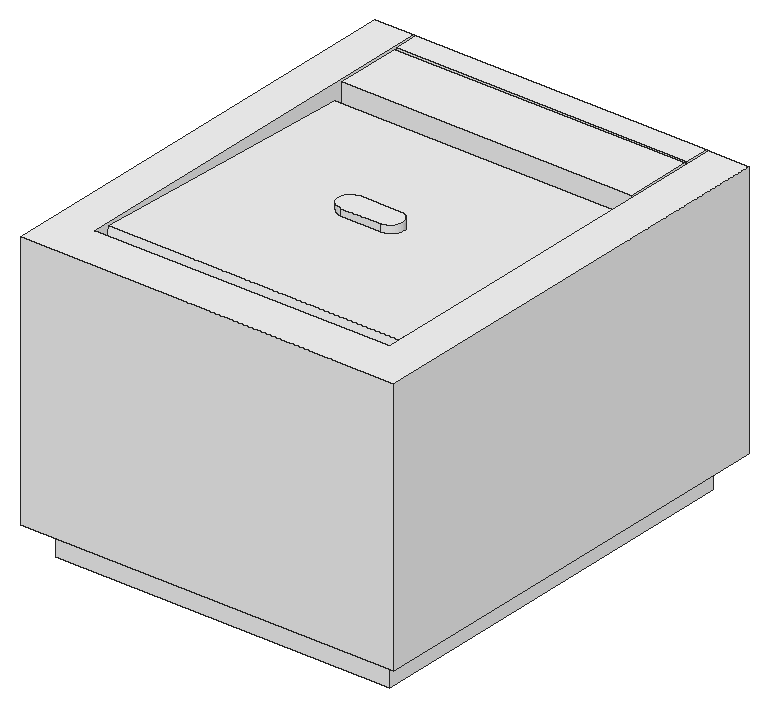
Revit family "Gira_011330", category Electrical Fixtures, host Face, Revit 2017
Family settings
  Host = Face
  Maintain Annotation Orientation = Yes
  Round Connector Dimension = Use Diameter
  Part Type = Normal
  Cut with Voids When Loaded = No
  Shared = No
  Room Calculation Point = No
Parameters (values of type "Rocker ind. sw. CB 3-p in.sp. WP surface-mounted grey")
  Wiring system = "3-pole switch"
  White [instance] = White
  Washing machine switch = "No"
  URL = "http://katalog.gira.de/en/datenblatt.html?artikelnr=011330"
  Type of lighting = "Glow lamp"
  Type of fastening = "Screw mounting"
  Surface protection = "Other"
  Suitable for degree of protection (IP) = "IP44"
  Rated current = "10"
  Push button switch = "No"
  Number of rockers = "1"
  Number of modules (module system) = "1"
  Nominal voltage = "250"
  Name = "Rocker ind. sw. CB 3-p in.sp. WP surface-mounted grey"
  Mounting method = "Surface mounted (plaster)"
  Method of operation = "Rocker/button"
  Material quality = "Other"
  Material = "Other"
  Manufacturer URL = "https://www.gira.de/"
  Manufacturer = "Gira"
  Label space/information surface = "Yes"
  Illumination = "Yes"
  HeinzeBIM = "https://bimportal.heinze.de/bim/rocker-ind-sw-cb-3-p-in-sp-wp-surface-mounted-grey/f47a7b1761bdb857dd36c17b8c84dbbe579c1cf9"
  Halogen free = "No"
  HAN = "011330"
  GTIN = "4010337113300"
  Function lighting = "Illuminated (on)"
  Feedback-signal contact = "No"
  Description = "Rock.ind.sw.CB 3-p in.sp. WP SM GY,Rocker indicator switch 16 A 400 V~ with inscription space,Circuit breaker 3-pole ,grey,Features:,- With screw terminals.,- With neon lamp element.,,Notes :,- Can also be connected with illumination."
  Default Elevation = 1219.2 mm
  Data sheet (1) = "https://katalog.gira.de/en/download.html?artikelnr=011330"
  Connection type = "Screwed terminal"
  Colour = "Grey"
  Category = "Switch"
  BIM (1) = "https://media.stage.bim.site/public/gira/36a6b08/IP44_Komplettgerät_Schalten und Tasten.rfa?public/gira/36a6b08/IP44_Komplettgerät_Schalten und Tasten.rfa"
  Available = "No"
  Assembly arrangement = "Basic element with complete housing"
Reference planes
  plane 1 "Center (Front/Back)": y = 0
  plane 2: z = 0
  plane 3 "Center (Left/Right)": x = 0
  plane 4: x = 30
  plane 5: x = -30
  plane 6: z = 41.4
Forms (mm)
  Extrusion 1, solid, material "White" <- "White", detail levels medium+fine
    sketch origin (0, 0, 0) x (1, 0, 0) y (0, 1, 0)
      loop
        line (-34, 41) -> (-34, -41) -> (34, -41) -> (34, 41) -> (-34, 41)
    from 0 to -6.2
  Extrusion 2, solid, material "White" <- "White", detail levels medium+fine
    sketch origin (0, 0, 0) x (1, 0, 0) y (0, 1, 0)
      loop
        line (-38, 45) -> (-38, -45) -> (38, -45) -> (38, 45) -> (-38, 45)
    from 0 to 52.4
  Extrusion 3, void
    sketch origin (0, 0, 0) x (1, 0, 0) y (0, 0, 1)
      loop
        line (-30, 59.413) -> (-30, 41.4) -> (30, 41.4) -> (30, 59.413) -> (-30, 59.413)
    from 36 to -113.06
  Extrusion 4, solid, material "White" <- "White", detail levels medium
    sketch origin (225, 0, 0) x (1, 0, 0) y (0, 1, 0)
      loop
        line (-254.5, 44.5) -> (-254.5, -35.5) -> (-195.5, -35.5) -> (-195.5, 44.5) -> (-254.5, 44.5)
    from 41.4 to 52.4
  Extrusion 5, solid, material "White" <- "White", detail levels fine
    sketch origin (0, 0, 0) x (1, 0, 0) y (0, 1, 0)
      loop
        line (-29.5, 45) -> (-29.5, 40) -> (29.5, 40) -> (29.5, 45) -> (-29.5, 45)
    from 41.4 to 52.4
  Extrusion 6, solid, material "White" <- "White", detail levels fine
    sketch origin (0, 0, 0) x (1, 0, 0) y (0, 1, 0)
      loop
        line (29.5, 39.5) -> (-29.5, 39.5) -> (-29.5, 26) -> (29.5, 26) -> (29.5, 39.5)
    from 41.4 to 52.4
  Extrusion 7, solid, material "White" <- "White", detail levels fine
    sketch origin (0, 0, 0) x (1, 0, 0) y (0, 1, 0)
      loop
        arc (-4, -1) -> (-6.5, -3.5) -> (-4, -6) r 2.5
        line (-4, -6) -> (4, -6)
        arc (4, -6) -> (6.5, -3.5) -> (4, -1) r 2.5
        line (4, -1) -> (-4, -1)
    from 41.4 to 52.4
  Extrusion 8, solid, material "White" <- "White", detail levels coarse
    sketch origin (0, 0, 0) x (1, 0, 0) y (0, 1, 0)
      loop
        line (-38, 46) -> (-38, -45) -> (38, -45) -> (38, 46) -> (-38, 46)
    from -6.2 to 52.4
  Extrusion 9, solid, material "White" <- "White", detail levels medium+fine
    sketch origin (0, 0, 0) x (1, 0, 0) y (0, 0, 1)
      loop
        circle (0, 14) r 3.6
    from -46 to -45
  Extrusion 10, solid, material "White" <- "White", detail levels fine
    sketch origin (0, 0, 0) x (0, 1, 0) y (0, 0, 1)
      loop
        line (-36, 41.4) -> (26, 41.4) -> (24.38, 49.736) -> (-33.115, 52.169) -> (-36, 41.4)
    from -29.5 to 29.5
Cuts and joins
  Extrusion 3 cuts Extrusion 2
Dimensions and locks
  aligned and locked: plane 2 to host face
  aligned and locked: level to host face
  aligned and locked: plane 3 "Center (Left/Right)" to nested 1
  aligned and locked: plane 1 "Center (Front/Back)" to nested 1
Nested families
  nested 1: "Schalter" at (0, 0, 0), type "Schalter"
Connectors
  electrical at (0, 0, -6.2)
    settings: on Extrusion 1, index 1, voltage 224 V, apparent load 0 VA, apparent load phase1 0 VA, apparent load phase2 0 VA, apparent load phase3 0 VA, power factor 1, load classification "Other", number of poles 1, system type 30, power factor state 1, is connector primary yes, connector utility no, sub classification motor no, connector description ""
Definition of nested family "Schalter"
  Reference planes
    plane 1: y = 0
    plane 2: x = 0
  Lines and regions (mm)
    detail lines
      curve 1: circle (1.375, 2.778, 0) r 0.8 normal (0, 0, 1)
      curve 2: line (1.021, 2.061, 0) -> (0, 0, 0)
      curve 3: line (0, 0, 0) -> (-0.538, 0.266, 0)
  Dimensions and locks
    curve 2 to curve 2 = 2.3 mm
    curve 3 to curve 2 = 0.6 mm
    radius of curve 1 = 0.8 mm
